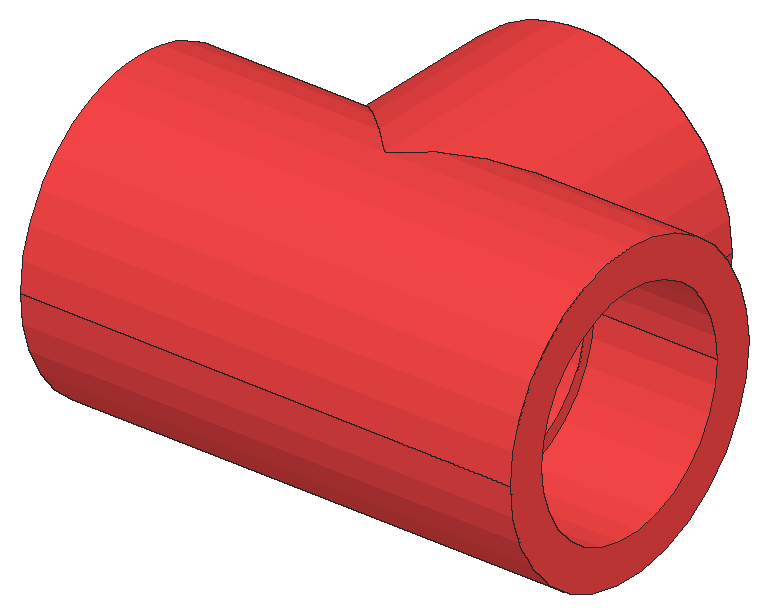
Revit family "Aquatherm_Переходной тройник B1", category Соединительные детали трубопроводов, Revit 2019
Family settings
  Размер круглого соединителя = Использовать диаметр
  Тип детали = Тройник
  На основе рабочей плоскости = Нет
  Всегда вертикально = Да
  При загрузке вырезать с полостями = Нет
  Общий = Нет
Parameters
  Материал_Корпус_2 = AquaTherm латунь pipe
  Материал_Корпус = AquaTherm red pipe
  z2 [instance] = size_lookup("Переходной тройник", "z1", 18 mm, d, R)  # 23 mm
  z1 [instance] = z2 / 2  # 11.5 mm
  z [instance] = size_lookup("Переходной тройник", "z", 18 mm, d, R)  # 17.5 mm
  lt [instance] = 1 mm
  l1 [instance] = size_lookup("Переходной тройник", "l1", 18 mm, d, R)  # 36 mm
  d1 [instance] = d - 3 mm  # 29 mm
  URL = "www.agpipe.ru"
  d [instance] = 32 mm
  R2 [instance] = R + 2 mm  # 17 mm
  R1 [instance] = R - 2 mm  # 13 mm
  R [instance] = 15 mm
  l [instance] = size_lookup("Переходной тройник", "l", 18 mm, d, R)  # 35.5 mm
  D1 [instance] = size_lookup("Переходной тройник", "D1", 18 mm, d, R)  # 37 mm
  D [instance] = size_lookup("Переходной тройник", "D", 18 mm, d, R)  # 43 mm
  ADSK_Примечание = ""
  ADSK_Позиция [instance] = ""
  ADSK_Обозначение = ""
  ADSK_Наименование [instance] = size_lookup("Переходной тройник", "ADSK_Наименование", "Нет в каталоге", d, R)  # "Переходной тройник/B1 DN32x1''х32"
  ADSK_Масса_Текст [instance] = size_lookup("Переходной тройник", "ADSK_Масса_Текст", "Нет в каталоге", d, R)  # "0.105"
  ADSK_Код изделия [instance] = size_lookup("Переходной тройник", "ADSK_Код изделия", "Нет в каталоге", d, R)  # "4125013"
  ADSK_Завод-изготовитель = "Aquatherm"  # constant formula
  ADSK_Единица измерения = "шт."  # constant formula
Reference planes
  plane 1 "По центру (Вперед/Назад)": y = 0
  plane 2: z = 0
  plane 3 "По центру (Влево/Вправо)": x = 0
  plane 4: x = 17.5
  plane 5: x = 35.5
  plane 6: x = -17.5
  plane 7: x = -35.5
  plane 8: y = 36
  plane 9: y = 23
Forms (mm)
  Extrusion 1, solid, material "AquaTherm red pipe" <- "Материал_Корпус"
    sketch origin (0, 0, 0) x (0, 1, 0) y (0, 0, 1)
      loop
        circle (0, 0) r 21.5
    from -35.5 to 35.5
  Extrusion 2, solid, material "AquaTherm red pipe" <- "Материал_Корпус"
    sketch origin (0, 0, 0) x (1, 0, 0) y (0, 0, 1)
      loop
        circle (0, 0) r 21.5
    from -36 to 0
  Extrusion 3, solid, material "AquaTherm латунь pipe" <- "Материал_Корпус_2"
    sketch origin (0, 0, 0) x (1, 0, 0) y (0, 0, 1)
      loop
        circle (0, 0) r 8.5
      loop
        circle (0, 0) r 7.5
    from -23 to -36
  Extrusion 4, void
    sketch origin (0, 0, 0) x (1, 0, 0) y (0, 0, 1)
      loop
        circle (0, 0) r 8.5
    from -36 to -23
  Extrusion 5, void
    sketch origin (0, 0, 0) x (0, 1, 0) y (0, 0, 1)
      loop
        circle (0, 0) r 16
    from 17.5 to 35.5
  Extrusion 6, void
    sketch origin (0, 0, 0) x (0, 1, 0) y (0, 0, 1)
      loop
        circle (0, 0) r 16
    from -35.5 to -17.5
  Extrusion 7, void
    sketch origin (0, 0, 0) x (0, 1, 0) y (0, 0, 1)
      loop
        circle (0, 0) r 14.5
    from -17.5 to 17.5
  Extrusion 8, void
    sketch origin (0, 0, 0) x (1, 0, 0) y (0, 0, 1)
      loop
        circle (0, 0) r 6.5
    from 0 to -23
Cuts and joins
  Extrusion 4, Extrusion 5, Extrusion 6, Extrusion 7, Extrusion 8 cuts Extrusion 1
  Extrusion 4, Extrusion 5, Extrusion 6, Extrusion 7, Extrusion 8 cuts Extrusion 2
  joined: Extrusion 1, Extrusion 2
  Extrusion 5, Extrusion 6, Extrusion 7, Extrusion 8 cuts Extrusion 3
Lines and regions (mm)
  reference lines
    curve 1: line (-17.5, 0, 0) -> (17.5, 0, 0)
    curve 2: line (0, 0, 0) -> (0, 23, 0)
Dimensions and locks
  "z": plane 3 "По центру (Влево/Вправо)" to plane 4
  "z": plane 6 to plane 3 "По центру (Влево/Вправо)"
  "l": plane 3 "По центру (Влево/Вправо)" to plane 5
  "l": plane 7 to plane 3 "По центру (Влево/Вправо)"
  "l1": plane 1 "По центру (Вперед/Назад)" to plane 8
  "z2": plane 1 "По центру (Вперед/Назад)" to plane 9
  "D": diameter of Extrusion 1 sketch curve
  "D": diameter of Extrusion 2 sketch curve
  "R2": diameter of Extrusion 3 sketch curve
  "R2": diameter of Extrusion 4 sketch curve
  "d": diameter of Extrusion 5 sketch curve
  "d": diameter of Extrusion 6 sketch curve
  "d1": diameter of Extrusion 7 sketch curve
  "R1": diameter of Extrusion 8 sketch curve
  "R": diameter of Extrusion 3 sketch curve
  aligned and locked: level to plane 2
  aligned and locked: plane 7 to Extrusion 1
  aligned and locked: plane 5 to Extrusion 1
  aligned and locked: plane 1 "По центру (Вперед/Назад)" to Extrusion 2
  aligned and locked: Extrusion 3 to cut or joined group of Extrusion 1, Extrusion 2, Extrusion 4, Extrusion 5, Extrusion 6, Extrusion 7, Extrusion 8
  aligned and locked: Extrusion 4 to plane 9
  aligned and locked: plane 7 to Extrusion 6
  aligned and locked: Extrusion 6 to plane 6
  aligned and locked: plane 5 to Extrusion 5
  aligned and locked: Extrusion 5 to plane 4
  aligned and locked: plane 6 to Extrusion 7
  aligned and locked: plane 4 to Extrusion 7
  aligned and locked: plane 1 "По центру (Вперед/Назад)" to Extrusion 8
  aligned and locked: plane 9 to Extrusion 8
  aligned and locked: plane 6 to curve 1
  aligned and locked: plane 4 to curve 1
  aligned and locked: plane 9 to curve 2
  aligned and locked: plane 8 to cut or joined group of Extrusion 1, Extrusion 2, Extrusion 4, Extrusion 5, Extrusion 6, Extrusion 7, Extrusion 8
  aligned and locked: Extrusion 2 to Extrusion 4
  aligned and locked: Extrusion 3 to plane 9
Automatic sketch dimensions
  plane 1 "По центру (Вперед/Назад)" to curve 1 = 0 mm
  plane 3 "По центру (Влево/Вправо)" to curve 2 = 0 mm
  Extrusion 1 sketch curve to level = 0 mm
  Extrusion 1 sketch curve to plane 1 "По центру (Вперед/Назад)" = 0 mm
  Extrusion 2 sketch curve to level = 0 mm
  Extrusion 2 sketch curve to plane 3 "По центру (Влево/Вправо)" = 0 mm
  Extrusion 3 sketch curve to Extrusion 3 sketch curve = 0 mm  (x2)
  Extrusion 3 sketch curve to level = 0 mm
  Extrusion 3 sketch curve to plane 3 "По центру (Влево/Вправо)" = 0 mm
  Extrusion 4 sketch curve to level = 0 mm
  Extrusion 4 sketch curve to plane 3 "По центру (Влево/Вправо)" = 0 mm
  Extrusion 5 sketch curve to level = 0 mm
  Extrusion 5 sketch curve to plane 1 "По центру (Вперед/Назад)" = 0 mm
  Extrusion 6 sketch curve to level = 0 mm
  Extrusion 6 sketch curve to plane 1 "По центру (Вперед/Назад)" = 0 mm
  Extrusion 7 sketch curve to level = 0 mm
  Extrusion 7 sketch curve to plane 1 "По центру (Вперед/Назад)" = 0 mm
  Extrusion 8 sketch curve to level = 0 mm
  Extrusion 8 sketch curve to plane 3 "По центру (Влево/Вправо)" = 0 mm
Connectors
  piping at (-17.5, 0, 0), diameter 32, driven by "d"
    settings: on curve 1, index 1, connector inside diameter 609.6 mm, connector length 0 mm, flow factor 0, pipe flow 0.0 L/s, pressure drop 0.0 Pa, fitting loss kfactor 0, connector angle 0.00°, fixture units 0, engagement length 0 mm, angle of deflection 0.00°, flow configuration 0, flow direction 0, fitting loss method 0, system type 28, joint type 0, gender type 0, connector reference index 2, connector utility 0, adjustable connector no, is connector primary yes, connector description ""
  piping at (17.5, 0, 0), diameter 32, driven by "d"
    settings: on curve 1, index 2, connector inside diameter 609.6 mm, connector length 0 mm, flow factor 0, pipe flow 0.0 L/s, pressure drop 0.0 Pa, fitting loss kfactor 0, connector angle 0.00°, fixture units 0, engagement length 0 mm, angle of deflection 0.00°, flow configuration 0, flow direction 0, fitting loss method 0, system type 28, joint type 0, gender type 0, connector reference index 1, connector utility 0, adjustable connector no, is connector primary no, connector description ""
  piping at (0, 23, 0), diameter 15, driven by "R"
    settings: on curve 2, index 3, connector inside diameter 609.6 mm, connector length 0 mm, flow factor 0, pipe flow 0.0 L/s, pressure drop 0.0 Pa, fitting loss kfactor 0, connector angle 0.00°, fixture units 0, engagement length 0 mm, angle of deflection 0.00°, flow configuration 0, flow direction 0, fitting loss method 0, system type 28, joint type 0, gender type 0, connector reference index -1, connector utility 0, adjustable connector no, is connector primary no, connector description ""
